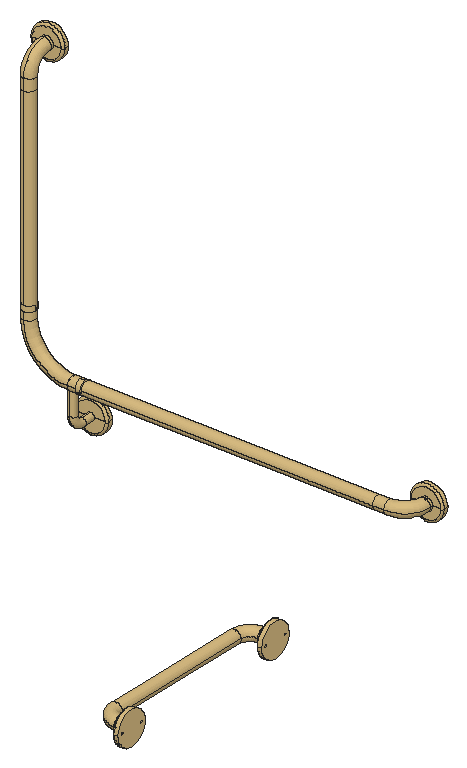
Revit family "RBA4805-346", category Plumbing Fixtures, Revit 2021
Family settings
  Round Connector Dimension = Use Diameter
  Part Type = Normal
  Work Plane-Based = No
  Always vertical = No
  Cut with Voids When Loaded = No
  Shared = No
  Room Calculation Point = No
Parameters
  Watermarked By = "www.rba.com.au"
  URL = "rba.com.au/product-category/accessible-disabled/grab-rails/"
  Phone Number = "1300 788 778"
  OFFSET = 800.00 mm
  Model = "RBA4805-346"
  Materials and Finishes = PVD Brushed Brass Stainless Steel
  Manufacturer Model = ""
  Manufacturer = "RBA Group"
  Distance Away from Wall [instance] = 100.00 mm
  Distance Away from Toilet [instance] = 1090.00 mm
  Description = "RH Accessible Rail + 450mm Straight Kit | Brushed Brass"
  Default Elevation = 0.00 mm
  Copyrighted by = "RBA Group"  # constant formula
  Assembly Code = ""
Reference planes
  plane 1 "Center (Front/Back)": y = 0
  plane 2: z = 0
  plane 3: x = 40.5
  plane 4: z = 800
  plane 5: x = 1090.5
  plane 6: x = 990.5
  plane 7: x = 140.5
  plane 8: z = 700
  plane 9: z = 1500
  plane 10: y = -86
  plane 11: y = -54
  plane 12: y = -1074
  plane 13: y = -1090
  plane 14: x = 1035.5
  plane 15: x = 1003.5
  plane 16: z = 816
  plane 17: x = 56.5
  plane 18: x = 46.5
Dimensions and locks
  "OFFSET": plane 4 to plane 2
  plane 11 to plane 1 "Center (Front/Back)" = 54.00 mm
  plane 10 to plane 1 "Center (Front/Back)" = 86.00 mm
  "Distance Away from Wall": plane 6 to plane 5
  locked: plane 12 to plane 13 at 16
  "Distance Away from Toilet": plane 13 to plane 1 "Center (Front/Back)"
Nested families
  nested 1: "RBA4805-911" at (-656, 0, 800), type "RBA4805-911"
  nested 2: "RBA4805-Straight-Series" at (1090.5, -1074, 800) x (0, 1, 0) z (0, 0, -1), type "RBA4805-045"
Definition of nested family "RBA4805-911"
  Parameters (values of type "RBA4805-911")
    Watermarked By = "www.rba.com.au"
    URL = "www.rba.com.au"
    R_Void [instance] = 15.00 mm
    R [instance] = 0.00 mm
    Phone Number = ""
    Modified Issue = ""
    Model = "RBA4805-911"
    Materials and Finishes = none
    Manufacturer Model = "B819436"
    Manufacturer = "RBA Group"
    Description = "RTA Brushed Brass Right Hand Single Wall 90° Rail"
    Default Elevation = 0.00 mm
    Copyrighted by = "RBA Group"  # constant formula
    Assembly Code = ""
  Reference planes
    plane 1 "Center (Front/Back)": y = 0
    plane 2: z = 0
    plane 3: x = 40.5
    plane 4: x = 990.5
    plane 5: x = 515.5
    plane 6: z = 700
    plane 7: x = 835.5
    plane 8: z = -100
    plane 9: x = 974.5
    plane 10: z = 16
    plane 11: y = -70
    plane 12: y = -86
    plane 13: y = -54
    plane 14: y = -79.5
    plane 15: y = -60.5
    plane 16: z = -30
    plane 17: z = 30
    plane 18: x = 1606.5
    plane 19: x = 1666.5
    plane 20: z = 670
    plane 21: z = 730
    plane 22: x = 716.5
    plane 23: x = 656.5
    plane 24: z = -130
    plane 25: z = -70
    plane 26: x = 766.5
    plane 27: x = 826.5
  Forms (mm)
    Extrusion 1, solid, material <- "Materials and Finishes"
      sketch origin (1636.5, -2.628, 315.907) x (0, 0, -1) y (-1, 0, 0)
        loop
          circle (315.907, 0) r 40
      from -0.219 to 2.628
    Revolve 2, solid, material <- "Materials and Finishes"
      sketch origin (1636.5, 18.663, 0) x (0, -1, 0) y (1, 0, 0)
        loop
          line (18.663, 0) -> (33.701, 0) -> (32.842, 36.617)
          arc (32.842, 36.617) -> (31.337, 40.077) -> (27.844, 41.5) r 5
          line (27.844, 41.5) -> (18.663, 41.5) -> (18.663, 0)
        axis (18.663, 0) -> (33.701, 0)
      angle from 0 to 360
    Extrusion 3, void
      sketch origin (1636.5, 34.941, 315.907) x (0, 0, -1) y (-1, 0, 0)
        loop
          circle (315.907, 30) r 5
        loop
          circle (315.907, -30) r 5
      from -37.788 to -30
    Sweep 4, solid, material <- "Materials and Finishes"
      path origin (1636.5, 12.454, 0) x (0, -1, 0) y (-1, 0, 0)
        loop
          line (12.454, 0) -> (34.454, 0)
          arc (34.454, 0) -> (68.395, 14.059) -> (82.454, 48) r 48
          line (82.454, 48) -> (82.454, 76)
      profile origin (1636.5, -11, 0) x (1, 0, 0) y (0, 0, 1)
        loop
          circle (0, 0) r 16
    Extrusion 5, solid, material <- "Materials and Finishes"
      sketch origin (686.5, -2.628, 1015.907) x (0, 0, -1) y (-1, 0, 0)
        loop
          circle (315.907, 0) r 40
      from -0.219 to 2.628
    Extrusion 6, void
      sketch origin (686.5, 34.941, 1015.907) x (0, 0, -1) y (-1, 0, 0)
        loop
          circle (315.907, -30) r 5
        loop
          circle (315.907, 30) r 5
      from -37.788 to -30
    Sweep 7, solid, material <- "Materials and Finishes"
      path origin (-13.5, 12.454, 700) x (0, -1, 0) y (0, 0, -1)
        loop
          line (12.454, 0) -> (34.454, 0)
          arc (34.454, 0) -> (68.395, 14.059) -> (82.454, 48) r 48
          line (82.454, 48) -> (82.454, 76)
      profile origin (-13.5, -11, 700) x (0, 0, -1) y (1, 0, 0)
        loop
          circle (0, 700) r 16
    Revolve 8, solid, material <- "Materials and Finishes"
      sketch origin (686.5, 18.663, 700) x (0, -1, 0) y (1, 0, 0)
        loop
          line (18.663, 0) -> (18.663, -41.5) -> (27.844, -41.5)
          arc (27.844, -41.5) -> (31.337, -40.077) -> (32.842, -36.617) r 5
          line (32.842, -36.617) -> (33.701, 0) -> (18.663, 0)
        axis (18.663, 0) -> (33.701, 0)
      angle from 0 to 360
    Sweep 9, solid, material <- "Materials and Finishes"
      path origin (1677, 0, 0) x (-1, 0, 0) y (0, 0, -1)
        loop
          line (116.5, 0) -> (880.5, 0)
          arc (880.5, 0) -> (958.282, -32.218) -> (990.5, -110) r 110
          line (990.5, -110) -> (990.5, -624)
      profile origin (1178.5, 0, 0) x (0, 0, -1) y (0, -1, 0)
        loop
          circle (0, 70) r 16
    Extrusion 10, solid, material <- "Materials and Finishes"
      sketch origin (796.5, -2.628, 215.907) x (0, 0, -1) y (-1, 0, 0)
        loop
          circle (315.907, 0) r 40
      from -0.219 to 2.628
    Revolve 11, solid, material <- "Materials and Finishes"
      sketch origin (796.5, 18.663, -100) x (0, -1, 0) y (1, 0, 0)
        loop
          line (18.663, 0) -> (33.701, 0) -> (32.842, 36.617)
          arc (32.842, 36.617) -> (31.337, 40.077) -> (27.844, 41.5) r 5
          line (27.844, 41.5) -> (18.663, 41.5) -> (18.663, 0)
        axis (18.663, 0) -> (33.701, 0)
      angle from 0 to 360
    Sweep 12, solid, material <- "Materials and Finishes"
      path origin (796.5, 12.454, -100) x (0, -1, 0) y (0, 0, 1)
        loop
          line (12.454, 0) -> (54.454, 0)
          arc (54.454, 0) -> (74.253, 8.201) -> (82.454, 28) r 28
          line (82.454, 28) -> (82.454, 100)
      profile origin (796.5, -21, -100) x (0, 0, 1) y (-1, 0, 0)
        loop
          circle (0, 0) r 9.5
    Extrusion 13, void
      sketch origin (796.5, 34.941, 215.907) x (0, 0, -1) y (-1, 0, 0)
        loop
          circle (315.907, 30) r 5
        loop
          circle (315.907, -30) r 5
      from -37.788 to -30
    Extrusion 14, solid, material <- "Materials and Finishes"
      sketch origin (1677, 0, 0) x (-1, 0, 0) y (0, -1, 0)
        loop
          circle (990.5, 70) r 17
      from 142 to 130
    Extrusion 15, solid, material <- "Materials and Finishes"
      sketch origin (1026.5, 0, 990.5) x (0, 0, -1) y (0, -1, 0)
        loop
          circle (990.5, 70) r 17
      from 210 to 198
  Cuts and joins
    Extrusion 3 cuts Extrusion 1
    Extrusion 6 cuts Extrusion 5
    Extrusion 13 cuts Extrusion 10
    Extrusion 3 cuts Revolve 2
    Extrusion 6 cuts Revolve 8
    Extrusion 13 cuts Revolve 11
    joined: Revolve 2, Sweep 4, Sweep 7, Revolve 8, Sweep 9, Revolve 11, Sweep 12
  Dimensions and locks
    level to plane 8 = 100.00 mm
    plane 6 to level = 700.00 mm
    plane 4 to plane 7 = 155.00 mm
    plane 4 to plane 3 = 950.00 mm
    Revolve 2 sketch curve to Revolve 2 sketch curve = 41.50 mm
    plane 17 to plane 16 = 60.00 mm
    plane 18 to plane 19 = 60.00 mm
    plane 21 to plane 20 = 60.00 mm
    plane 23 to plane 22 = 60.00 mm
    Revolve 8 sketch curve to Revolve 8 sketch curve = 41.50 mm
    Revolve 11 sketch curve to Revolve 11 sketch curve = 41.50 mm
    plane 25 to plane 24 = 60.00 mm
    plane 26 to plane 27 = 60.00 mm
    radius of Extrusion 1 sketch curve = 40.00 mm
    radius of Sweep 4 sketch curve = 16.00 mm
    radius of Extrusion 5 sketch curve = 40.00 mm
    radius of Sweep 7 sketch curve = 16.00 mm
    radius of Extrusion 10 sketch curve = 40.00 mm
    radius of Sweep 12 sketch curve = 9.50 mm
    aligned and locked: Revolve 2 to Extrusion 1
    aligned and locked: Revolve 11 to Extrusion 10
Definition of nested family "RBA4805-Straight-Series"
  Parameters (values of type "RBA4805-060")
    Watermarked By = "www.rba.com.au"
    URL = "www.rba.com.au"
    Phone Number = ""
    OFFSET [instance] = 800.00 mm
    Modified Issue = ""
    Model = "RBA4805-Straight-Series"
    Materials & Finishes = none
    Manufacturer = "RBA Group"  # constant formula
    Lgth = 600.00 mm
    Diameter = 32.00 mm
    Description = "RTA Brushed Brass Straight Grabrail"
    Default Elevation = 0.00 mm
    Copyright by = "RBA Group"  # constant formula
  Types (9, lengths in mm): name | URL | Phone Number | Modified Issue | Model | Lgth | Description
    RBA4805-030 | "www.rba.com.au" | "" | "20190510.1" | "RBA4000-030" | 300.00 | "Straight Grab Rail 300mm"
    RBA4805-045 | "www.rba.com.au" | "" | "20191004.01" | "RBA4000-045" | 450.00 | "Straight Grab Rail 450mm"
    RBA4805-060 | "www.rba.com.au" | "" | "" | "RBA4805-Straight-Series" | 600.00 | "RTA Brushed Brass Straight Grabrail"
    RBA4805-070 | "www.rba.com.au" | "" | "20191004.01" | "RBA4000-075" | 700.00 | "Straight Grab Rail 750mm"
    RBA4805-090 | "www.rba.com.au" | "" | "20191004.01" | "RBA4000-090" | 900.00 | "Straight Grab Rail 900mm"
    RBA4805-080 | "http://www.rba.com.au/accessible-disabled/grab-rails" | "1300 788 778" | "20191004.01" | "RBA4000-080" | 800.00 | "Straight Grab Rail 800mm"
    RBA4805-100 | "http://www.rba.com.au/accessible-disabled/grab-rails" | "1300 788 778" | "20191004.01" | "RBA4000-100" | 1000.00 | "Straight Grab Rail 1000mm"
    RBA4805-120 | "http://www.rba.com.au/accessible-disabled/grab-rails" | "1300 788 778" | "20191004.01" | "RBA4000-120" | 1200.00 | "Straight Grab Rail 1200mm"
    RBA4805-040 | "www.rba.com.au" | "" | "20191108.1" | "RBA4000-040" | 400.00 | "Straight Grab Rail 400mm"
  Reference planes
    plane 1 "Center (Front/Back)": y = 0
    plane 2: z = 0
    plane 3 "Center (Left/Right)": x = 0
    plane 4: x = 0
    plane 5: x = 0
    plane 6: y = -57
    plane 7: y = -89
    plane 8: x = 600
    plane 9: z = 16
    plane 10: z = -16
  Forms (mm)
    Sweep 1, solid, material <- "Materials & Finishes"
      path origin (-273.954, -750, 0) x (0, -1, 0) y (1, 0, 0)
        loop
          line (-740, 873.954) -> (-719, 873.954)
          arc (-719, 873.954) -> (-690.716, 862.239) -> (-679, 833.954) r 40
          line (-679, 833.954) -> (-679, 313.954)
          arc (-679, 313.954) -> (-690.716, 285.67) -> (-719, 273.954) r 40
          line (-719, 273.954) -> (-740, 273.954)
      profile origin (300, -71, 0) x (0, -1, 0) y (0, 0, 1)
        loop
          circle (0, 0) r 16
    Extrusion 2, solid, material <- "Materials & Finishes"
      sketch origin (62.5, -2.628, -315.907) x (0, 0, 1) y (1, 0, 0)
        loop
          circle (315.907, -62.5) r 40
      from -0.206 to 2.628
    Revolve 3, solid, material <- "Materials & Finishes"
      sketch origin (62.5, 18.663, 0) x (-1, 0, 0) y (0, -1, 0)
        loop
          line (62.5, 18.663) -> (104, 18.663) -> (104, 28.968)
          arc (104, 28.968) -> (103.207, 31.014) -> (101.243, 31.992) r 3.037
          arc (101.243, 31.992) -> (81.892, 33.334) -> (62.5, 33.781) r 420.249
          line (62.5, 33.781) -> (62.5, 18.663)
        axis (62.5, 18.663) -> (62.5, 33.781)
      angle from 0 to 360
    Extrusion 4, void
      sketch origin (62.704, 34.941, -270.785) x (-0.515038, 0, 0.857167) y (0.857167, 0, 0.515038)
        loop
          circle (248.952, 111.432) r 4.75
        loop
          circle (279.854, 60.002) r 4.75
      from -37.775 to -34.941
    Extrusion 5, solid, material <- "Materials & Finishes"
      sketch origin (237.5, -2.628, -315.907) x (0, 0, 1) y (1, 0, 0)
        loop
          circle (315.907, 362.5) r 40
      from -0.206 to 2.628
    Revolve 6, solid, material <- "Materials & Finishes"
      sketch origin (237.5, 18.663, 0) x (-1, 0, 0) y (0, -1, 0)
        loop
          line (-362.5, 18.663) -> (-362.5, 33.781)
          arc (-362.5, 33.781) -> (-381.892, 33.334) -> (-401.243, 31.992) r 420.249
          arc (-401.243, 31.992) -> (-403.207, 31.014) -> (-404, 28.968) r 3.037
          line (-404, 28.968) -> (-404, 18.663) -> (-362.5, 18.663)
        axis (-362.5, 18.663) -> (-362.5, 33.781)
      angle from 0 to 360
    Extrusion 7, void
      sketch origin (362.704, 34.941, -270.785) x (-0.515038, 0, 0.857167) y (0.857167, 0, 0.515038)
        loop
          circle (125.343, 317.152) r 4.75
        loop
          circle (94.441, 368.582) r 4.75
      from -37.775 to -34.941
  Cuts and joins
    Extrusion 7 cuts Sweep 1
    Extrusion 4, Extrusion 7 cuts Extrusion 2
    Extrusion 4, Extrusion 7 cuts Revolve 3
    Extrusion 7 cuts Extrusion 5
    Extrusion 7 cuts Revolve 6
    joined: Sweep 1, Extrusion 2, Revolve 3, Extrusion 5, Revolve 6
  Dimensions and locks
    "Lgth": plane 3 "Center (Left/Right)" to plane 8
    radius of Sweep 1 sketch curve = 16.00 mm
    aligned and locked: level to plane 2
    aligned and locked: Revolve 3 to Extrusion 2
    aligned and locked: Extrusion 2 to Extrusion 4
    aligned and locked: Revolve 6 to Extrusion 5
  Automatic sketch dimensions
    Sweep 1 sketch curve to plane 8 = 0.00 mm
    Sweep 1 sketch curve to plane 3 "Center (Left/Right)" = 0.00 mm
    plane 6 to Sweep 1 sketch curve = 26.00 mm  (x2)
    Sweep 1 sketch curve to plane 6 = 14.00 mm
    plane 1 "Center (Front/Back)" to Sweep 1 sketch curve = 10.00 mm  (x2)
    Sweep 1 sketch curve to profile plane = 0.00 mm  (x2)
    Extrusion 2 sketch curve to level = 0.00 mm
    Extrusion 2 sketch curve to plane 3 "Center (Left/Right)" = 0.00 mm
    plane 1 "Center (Front/Back)" to Revolve 3 sketch curve = 0.00 mm
    Revolve 3 sketch curve to plane 3 "Center (Left/Right)" = 0.00 mm  (x2)
    plane 1 "Center (Front/Back)" to Revolve 3 sketch curve = 10.305 mm
    Revolve 3 sketch curve to plane 3 "Center (Left/Right)" = 38.463 mm
    Revolve 3 sketch curve to Revolve 3 sketch curve = 3.037 mm
    Revolve 3 sketch curve to plane 1 "Center (Front/Back)" = 405.131 mm
    Revolve 3 sketch curve to Revolve 3 sketch curve = 15.118 mm
    Revolve 3 sketch curve to plane 1 "Center (Front/Back)" = 21.537 mm
    Revolve 3 sketch curve to Revolve 3 sketch curve = 0.00 mm
    plane 6 to Revolve 3 sketch curve = 13.537 mm
    Extrusion 5 sketch curve to level = 0.00 mm
    plane 8 to Extrusion 5 sketch curve = 0.00 mm
    plane 1 "Center (Front/Back)" to Revolve 6 sketch curve = 0.00 mm
    Revolve 6 sketch curve to plane 8 = 0.00 mm  (x2)
    plane 1 "Center (Front/Back)" to Revolve 6 sketch curve = 10.305 mm
    Revolve 6 sketch curve to plane 8 = 38.463 mm
    Revolve 6 sketch curve to Revolve 6 sketch curve = 3.037 mm
    Revolve 6 sketch curve to plane 1 "Center (Front/Back)" = 405.131 mm
    Revolve 6 sketch curve to Revolve 6 sketch curve = 15.118 mm
    Revolve 6 sketch curve to plane 1 "Center (Front/Back)" = 21.537 mm
    Revolve 6 sketch curve to Revolve 6 sketch curve = 0.00 mm
    plane 6 to Revolve 6 sketch curve = 13.537 mm
    Extrusion 7 sketch curve to level = 0.00 mm  (x2)
    Extrusion 7 sketch curve to plane 8 = 30.00 mm
    Extrusion 7 sketch curve to Extrusion 7 sketch curve = 30.902 mm
    Extrusion 4 sketch curve to level = 0.00 mm  (x2)
    plane 3 "Center (Left/Right)" to Extrusion 4 sketch curve = 30.00 mm
    Extrusion 4 sketch curve to Extrusion 4 sketch curve = 30.902 mm
    radius of Extrusion 2 sketch curve = 40.00 mm
    radius of Extrusion 5 sketch curve = 40.00 mm
    radius of Extrusion 7 sketch curve = 4.75 mm  (x2)
    radius of Extrusion 4 sketch curve = 4.75 mm  (x2)
